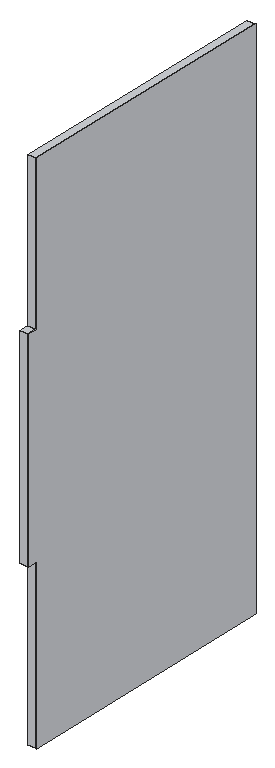
Revit family "Cab_Microwave_SideOfBox", category Casework, Revit 2019
Family settings
  Work Plane-Based = No
  Always vertical = Yes
  Cut with Voids When Loaded = No
  Shared = No
  Room Calculation Point = No
Parameters
  uH = 1' - 1"
  oWctrl = 0' - 0"
  oW = 0' - 0 3/4"
  oHctrl = 0' - 0"
  oH = lH + mH + uH  # 3' - 8.76504"
  oDctrl = 0' - 0"
  oD = 2' - 0"
  mH = 1' - 5.64184"
  lH = 1' - 2.1232"
  FoC = 0' - 0 13/16"
Reference planes (in)
  plane 1 "Center (Front/Back)": y = 0
  plane 2: z = 0
  plane 3 "Center (Left/Right)": x = 0
  plane 4: x = 0.75
  plane 5: y = -23.1875
  plane 6: z = 44.76504
  plane 7: z = 14.1232
  plane 8: z = 31.76504
  plane 9: y = -24
  plane 10: x = 0.6875
Forms (in)
  Extrusion 1, solid
    sketch origin (0, 0, 0) x (0, 1, 0) y (0, 0, 1)
      loop
        line (-24, 14.1232) -> (-23.1875, 14.1232) -> (-23.1875, 0) -> (0, 0) -> (0, 44.76504) -> (-23.1875, 44.76504) -> (-23.1875, 31.76504) -> (-24, 31.76504) -> (-24, 14.1232)
    from 0 to 0.6875
  Extrusion 2, solid
    sketch origin (0, 0, 0) x (0, 1, 0) y (0, 0, 1)
      loop
        line (-24, 14.1232) -> (-23.1875, 14.1232) -> (-23.1875, 0) -> (0, 0) -> (0, 44.76504) -> (-23.1875, 44.76504) -> (-23.1875, 31.76504) -> (-24, 31.76504) -> (-24, 14.1232)
    from 0.6875 to 0.75
Dimensions and locks (in)
  "oW": plane 3 "Center (Left/Right)" to plane 4
  "oD": plane 9 to plane 1 "Center (Front/Back)"
  "lH": plane 7 to plane 2
  "mH": plane 8 to plane 7
  "uH": plane 6 to plane 8
  plane 9 to plane 5 = 0' - 0 13/16"
  "FoC": plane 5 to plane 9
  locked: plane 10 to plane 4 at 0.0625
  aligned and locked: plane 2 to level
  aligned and locked: plane 7 to Extrusion 1 sketch curve
  aligned and locked: plane 9 to Extrusion 1 sketch curve
  aligned and locked: Extrusion 1 sketch curve to plane 8
  aligned and locked: plane 5 to Extrusion 1 sketch curve  (x2)
  aligned and locked: level to Extrusion 1 sketch curve
  aligned and locked: plane 1 "Center (Front/Back)" to Extrusion 1 sketch curve
  aligned and locked: Extrusion 1 sketch curve to plane 6
  aligned and locked: Extrusion 1 to plane 3 "Center (Left/Right)"
  aligned and locked: Extrusion 1 to plane 10
  aligned and locked: Extrusion 2 to plane 4
  aligned and locked: plane 10 to Extrusion 2
  aligned and locked: Extrusion 2 sketch curve to plane 8
  aligned and locked: plane 9 to Extrusion 2 sketch curve
  aligned and locked: plane 5 to Extrusion 2 sketch curve  (x2)
  aligned and locked: Extrusion 2 sketch curve to plane 6
  aligned and locked: plane 1 "Center (Front/Back)" to Extrusion 2 sketch curve
  aligned and locked: level to Extrusion 2 sketch curve
  aligned and locked: plane 7 to Extrusion 2 sketch curve
